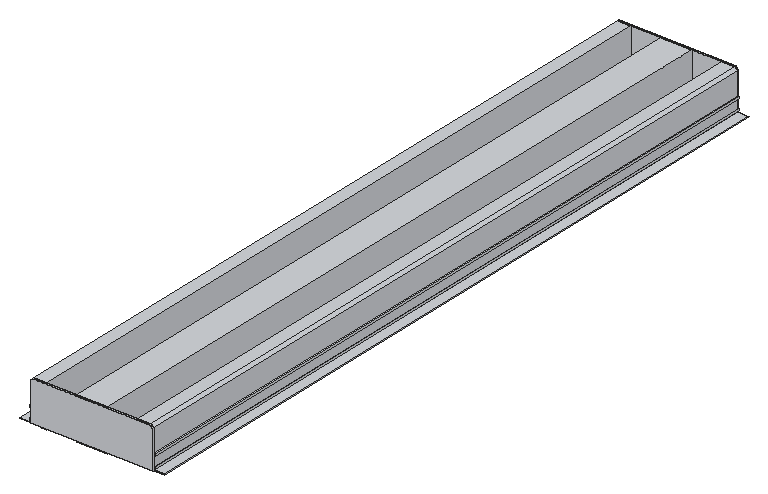
Revit family "FFBF-200 2 Slot", category Air Terminals, Revit 2010
Parameters
  URL = "http://www.anemostat.com/"
  Model = "FFBF-150"
  Manufacturer = "Anemostat"
  Length User Defined = 48"
  Duct Width = 6 5/16"
  Duct Length = Length User Defined + 1/4"  # 48 1/4"
  C = 9 1/2"
Reference planes (in)
  plane 1 "Center (Front/Back)": y = 0
  plane 2: z = 0
  plane 3 "Center (Left/Right)": x = 0
  plane 4: x = -4.75
  plane 5: x = 4.75
  plane 6 "Length": y = -48
  plane 7: y = -24
  plane 8: z = 2.625
  plane 9: x = -1
  plane 10: x = 1
  plane 11: x = -3
  plane 12: x = 3
Forms (in)
  Extrusion 1, solid
    sketch origin (0, 0, -0.13) x (1, 0, 0) y (0, 0, 1)
      loop
        line (-3.853, 2.755) -> (-4.03672, 2.57128) -> (-4.03672, 1.09808) -> (-4.14472, 1.09808) -> (-4.14472, 0.97408) -> (-4.10672, 0.97408) -> (-4.10672, 1.03608) -> (-4.03672, 1.03608) -> (-4.03672, 0.28108) -> (-4.10672, 0.28108) -> (-4.10672, 0.34308) -> (-4.14472, 0.34308) -> (-4.14472, 0.21908) -> (-4.03672, 0.21908) -> (-4.03672, 0.13) -> (-4.75, 0.13) -> (-4.75, 0.099) -> (-3.312, 0.05) -> (-3.312, 0) -> (2.31016, 0) -> (2.31016, 0.07499) -> (4.75, 0.099) -> (4.75, 0.13) -> (4.03672, 0.13) -> (4.03672, 0.21908) -> (4.14472, 0.21908) -> (4.14472, 0.34308) -> (4.10672, 0.34308) -> (4.10672, 0.28108) -> (4.03672, 0.28108) -> (4.03672, 1.03608) -> (4.10672, 1.03608) -> (4.10672, 0.97408) -> (4.14472, 0.97408) -> (4.14472, 1.09808) -> (4.03672, 1.09808) -> (4.03672, 2.57128) -> (3.853, 2.755) -> (-3.853, 2.755)
    from 0 to 48 <- "Length User Defined"
  Extrusion 2, solid
    sketch origin (0, 0, -0.13) x (1, 0, 0) y (0, 0, 1)
      loop
        line (-4.031, 0.0747) -> (4.03672, 0.0747) -> (4.03672, 2.57128) -> (3.853, 2.755) -> (-3.8505, 2.755) -> (-4.031, 2.5745) -> (-4.031, 0.0747)
    from 0 to -0.0625
  Extrusion 3, solid
    sketch origin (0, -48, -0.13) x (0, 0, 1) y (-1, 0, 0)
      loop
        line (0.0747, 4.031) -> (0.0747, -4.03672) -> (2.57128, -4.03672) -> (2.755, -3.853) -> (2.755, 3.8507) -> (2.5747, 4.031) -> (0.0747, 4.031)
    from 0 to 0.0625
  Extrusion 4, void
    sketch origin (0, 0, 0) x (1, 0, 0) y (0, 1, 0)
      loop
        line (1, 0) -> (1, -48) -> (3, -48) -> (3, 0) -> (1, 0)
      loop
        line (-1, 0) -> (-3, 0) -> (-3, -48) -> (-1, -48) -> (-1, 0)
    from -0.12891 to 2.625
Cuts and joins
  Extrusion 4 cuts Extrusion 1
  Extrusion 4 cuts Extrusion 2
  Extrusion 4 cuts Extrusion 3
Dimensions and locks (in)
  equal spacing: plane 5, plane 3 "Center (Left/Right)", plane 4
  "C": plane 5 to plane 4
  "Length User Defined": plane 1 "Center (Front/Back)" to plane 6 "Length"
  equal spacing: plane 1 "Center (Front/Back)", plane 7, plane 6 "Length"
  plane 10 to plane 3 "Center (Left/Right)" to plane 9 = 1" locked, 1" locked
  locked: plane 9 to plane 11 at 2
  locked: cut or joined group of Extrusion 1, Extrusion 4 to cut or joined group of Extrusion 1, Extrusion 4 at 2
  aligned and locked: plane 10 to Extrusion 4
  aligned and locked: plane 9 to Extrusion 4
  aligned and locked: plane 12 to Extrusion 4
  aligned and locked: Extrusion 4 to plane 11
Automatic sketch dimensions
  Extrusion 1 sketch curve to plane 4 = 0"
  Extrusion 1 sketch curve to level = 0.13"
  Extrusion 1 sketch curve to plane 5 = 0"
  level to Extrusion 1 sketch curve = 0.08908"
  plane 4 to Extrusion 1 sketch curve = 0.60528"  (x2)
  Extrusion 1 sketch curve to Extrusion 1 sketch curve = 0.038"  (x4)
  Extrusion 1 sketch curve to Extrusion 1 sketch curve = 0.07"  (x3)
  Extrusion 1 sketch curve to Extrusion 1 sketch curve = 0"  (x3)
  Extrusion 1 sketch curve to Extrusion 1 sketch curve = 0.18372"  (x2)
  Extrusion 1 sketch curve to Extrusion 1 sketch curve = 0.72472"
  Extrusion 1 sketch curve to level = 0.05501"
  plane 3 "Center (Left/Right)" to Extrusion 1 sketch curve = 2.31016"
  Extrusion 1 sketch curve to plane 5 = 0.897"
  Extrusion 1 sketch curve to plane 5 = 0.71328"  (x2)
  level to Extrusion 1 sketch curve = 0"
  Extrusion 1 sketch curve to Extrusion 1 sketch curve = 0.05"
  Extrusion 1 sketch curve to level = 0.031"
  Extrusion 1 sketch curve to Extrusion 1 sketch curve = 0.031"
  Extrusion 1 sketch curve to Extrusion 1 sketch curve = 0.08908"  (x2)
  Extrusion 1 sketch curve to Extrusion 1 sketch curve = 0.062"  (x8)
  Extrusion 1 sketch curve to Extrusion 1 sketch curve = 0.631"  (x2)
  Extrusion 1 sketch curve to Extrusion 1 sketch curve = 1.4732"  (x2)
  Extrusion 2 sketch curve to level = 0.0553"
  plane 4 to Extrusion 2 sketch curve = 0.719"
  Extrusion 2 sketch curve to Extrusion 2 sketch curve = 0.1805"  (x2)
  Extrusion 2 sketch curve to plane 5 = 0.897"
  Extrusion 2 sketch curve to plane 5 = 0.71328"
  Extrusion 2 sketch curve to Extrusion 2 sketch curve = 2.49658"
  Extrusion 2 sketch curve to Extrusion 2 sketch curve = 2.4998"
  Extrusion 3 sketch curve to level = 0.0553"
  Extrusion 3 sketch curve to plane 5 = 0.71328"
  Extrusion 3 sketch curve to Extrusion 3 sketch curve = 2.49658"
  plane 4 to Extrusion 3 sketch curve = 0.719"
  Extrusion 3 sketch curve to Extrusion 3 sketch curve = 2 1/2"
  plane 4 to Extrusion 3 sketch curve = 0.8993"
  Extrusion 3 sketch curve to Extrusion 3 sketch curve = 0.1803"
  Extrusion 3 sketch curve to Extrusion 3 sketch curve = 0.18372"
  plane 6 "Length" to Extrusion 4 sketch curve = 0"  (x2)
  plane 1 "Center (Front/Back)" to Extrusion 4 sketch curve = 0"  (x2)
  plane 4 to Extrusion 4 sketch curve = 1 3/4"
  Extrusion 4 sketch curve to plane 3 "Center (Left/Right)" = 1"
  plane 3 "Center (Left/Right)" to Extrusion 4 sketch curve = 1"
  Extrusion 4 sketch curve to Extrusion 4 sketch curve = 2"
Connectors (in)
  hvac at (0, -24, 2.625), driven by "Duct Length", driven by "Duct Width"
    settings: on Extrusion 1, index 1, duct flow 0 CFM, flow factor 0, pres drop 0.00 in-wg, loss coef 0, conn angle 0.00°, conn width 6 5/16", conn height 48 1/4", conn radius 12", duct sys type 1, conn prof type 1, flow config 0, flow direction 0, loss method 0, conn ref index -1, conn util no, is conn primary yes, conn desc ""
